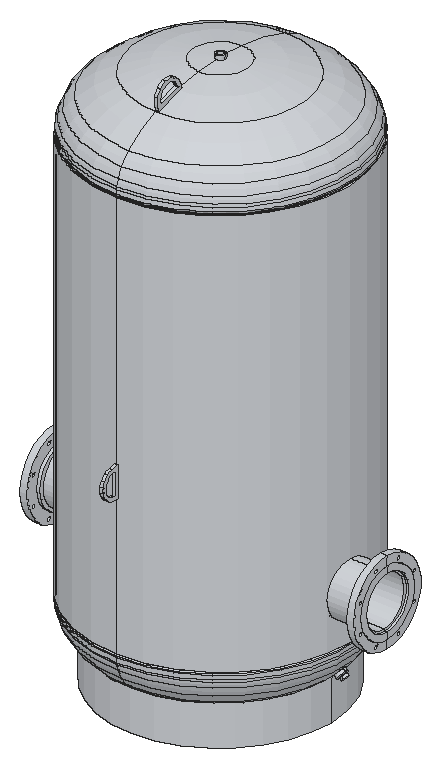
Revit family "CBT-500-8", category Generic Models, Revit 2014
Parameters (values of type "CBT-500-8")
  URL = "http://westank.com/"
  Tank Volume = 500.00 gal
  Part Number = 55420500
  Model = "CBT-500-8"
  Maximum Shipping Weight = 1150 lbf
  Flange Connector Diameter = 8"
  Description = "Wessels ASME Chilled Water Buffer Tanks (CBT) are designed for chilled water systems with insufficient water volume capacity in relation to the chiller capacity."
  D = 20 1/2"
  C = 36"
  B = 90"
  A = 42"
Reference planes (in)
  plane 1 "Center (Front/Back)": y = 0
  plane 2: z = 0
  plane 3 "Center (Left/Right)": x = 0
  plane 4: through (12.55282, -180, 5.24135) normal (0.8192, 0, -0.5736)
  plane 5: x = -21
  plane 6: x = 21
  plane 7: z = 0
  plane 8: x = -18
  plane 9: x = 18
  plane 10: z = 90
  plane 11: x = -0.0258
  plane 12: z = 20.5
Forms (in)
  Revolve 1, solid
    sketch origin (0, -0.02461, 0) x (0, 1, 0) y (0, 0, 1)
      loop
        line (-20.98343, 12.74892) -> (-20.73343, 12.74892)
        arc (-20.73343, 12.74892) -> (-20.73317, 12.69468) -> (-20.75341, 12.64436) r 0.14097
        line (-20.75341, 12.64436) -> (-20.89995, 12.41871)
        arc (-20.89995, 12.41871) -> (-20.95426, 12.32639) -> (-20.972, 12.22075) r 0.29477
        arc (-20.972, 12.22075) -> (-20.95433, 11.87991) -> (-20.91255, 11.54119) r 4.81455
        arc (-20.91255, 11.54119) -> (-20.88738, 11.33901) -> (-20.85518, 11.13783) r 5.85367
        arc (-20.85518, 11.13783) -> (-20.76033, 10.64488) -> (-20.57955, 10.17657) r 2.81886
        arc (-20.57955, 10.17657) -> (-20.25069, 9.40478) -> (-19.83942, 8.67357) r 7.6618
        arc (-19.83942, 8.67357) -> (-19.17724, 7.78342) -> (-18.39344, 6.99824) r 7.6618
        arc (-18.39344, 6.99824) -> (-15.85417, 5.15678) -> (-13.03614, 3.77925) r 18.17851
        arc (-13.03614, 3.77925) -> (-8.72316, 2.45647) -> (-4.26681, 1.75469) r 31.93206
        arc (-4.26681, 1.75469) -> (-2.12278, 1.59929) -> (0.02461, 1.50032) r 81.76029
        line (0.02461, 1.50032) -> (0.02461, 1.67229)
        arc (0.02461, 1.67229) -> (-2.11543, 1.77104) -> (-4.25214, 1.92594) r 81.58842
        arc (-4.25214, 1.92594) -> (-8.6845, 2.62394) -> (-12.97427, 3.9396) r 31.76018
        arc (-12.97427, 3.9396) -> (-15.76565, 5.3041) -> (-18.28091, 7.12815) r 18.00664
        arc (-18.28091, 7.12815) -> (-19.04713, 7.89572) -> (-19.69446, 8.7659) r 7.48992
        arc (-19.69446, 8.7659) -> (-20.0986, 9.48498) -> (-20.42122, 10.24414) r 7.48992
        arc (-20.42122, 10.24414) -> (-20.59471, 10.69085) -> (-20.68482, 11.16153) r 2.64698
        arc (-20.68482, 11.16153) -> (-20.71707, 11.36219) -> (-20.74212, 11.56388) r 5.68179
        arc (-20.74212, 11.56388) -> (-20.78291, 11.89268) -> (-20.80015, 12.22356) r 4.64268
        arc (-20.80015, 12.22356) -> (-20.79107, 12.27197) -> (-20.76371, 12.31293) r 0.12289
        line (-20.76371, 12.31293) -> (-20.60926, 12.55075)
        arc (-20.60926, 12.55075) -> (-20.56519, 12.6582) -> (-20.56335, 12.77432) r 0.31284
        line (-20.56335, 12.77432) -> (-20.73343, 12.77432) -> (-20.73343, 78.726) -> (-20.56335, 78.726)
        arc (-20.56335, 78.726) -> (-20.56519, 78.84212) -> (-20.60926, 78.94957) r 0.31284
        line (-20.60926, 78.94957) -> (-20.76371, 79.18739)
        arc (-20.76371, 79.18739) -> (-20.79107, 79.22835) -> (-20.80015, 79.27676) r 0.12289
        arc (-20.80015, 79.27676) -> (-20.78291, 79.60764) -> (-20.74212, 79.93644) r 4.64268
        arc (-20.74212, 79.93644) -> (-20.71707, 80.13813) -> (-20.68482, 80.33879) r 5.68179
        arc (-20.68482, 80.33879) -> (-20.59471, 80.80947) -> (-20.42122, 81.25618) r 2.64698
        arc (-20.42122, 81.25618) -> (-20.0986, 82.01534) -> (-19.69446, 82.73441) r 7.48992
        arc (-19.69446, 82.73441) -> (-19.04713, 83.6046) -> (-18.28091, 84.37217) r 7.48992
        arc (-18.28091, 84.37217) -> (-15.76565, 86.19622) -> (-12.97427, 87.56072) r 18.00664
        arc (-12.97427, 87.56072) -> (-8.6845, 88.87638) -> (-4.25214, 89.57438) r 31.76018
        arc (-4.25214, 89.57438) -> (-2.11543, 89.72928) -> (0.02461, 89.82803) r 81.58842
        line (0.02461, 89.82803) -> (0.02461, 90)
        arc (0.02461, 90) -> (-2.12278, 89.90102) -> (-4.26681, 89.74563) r 81.76029
        arc (-4.26681, 89.74563) -> (-8.72316, 89.04385) -> (-13.03614, 87.72107) r 31.93206
        arc (-13.03614, 87.72107) -> (-15.85417, 86.34354) -> (-18.39344, 84.50208) r 18.17851
        arc (-18.39344, 84.50208) -> (-19.17724, 83.7169) -> (-19.83942, 82.82675) r 7.6618
        arc (-19.83942, 82.82675) -> (-20.25069, 82.09554) -> (-20.57955, 81.32375) r 7.6618
        arc (-20.57955, 81.32375) -> (-20.76033, 80.85544) -> (-20.85518, 80.36249) r 2.81886
        arc (-20.85518, 80.36249) -> (-20.88738, 80.16131) -> (-20.91255, 79.95913) r 5.85367
        arc (-20.91255, 79.95913) -> (-20.95433, 79.62041) -> (-20.972, 79.27957) r 4.81455
        arc (-20.972, 79.27957) -> (-20.95426, 79.17393) -> (-20.89995, 79.08161) r 0.29477
        line (-20.89995, 79.08161) -> (-20.75341, 78.85596)
        arc (-20.75341, 78.85596) -> (-20.73317, 78.80564) -> (-20.73343, 78.7514) r 0.14097
        line (-20.73343, 78.7514) -> (-20.98343, 78.7514) -> (-20.98343, 12.74892)
      axis (0.02461, 1.50032) -> (0.02461, 90)
    angle from 0 to 360
  Revolve 2, solid
    sketch origin (-3.00177, 0, 1.25063) x (-1, 0, 0) y (0, 0, 1)
      loop
        line (22.25006, 14.93816) -> (22.25006, 14.40562) -> (22.87506, 14.40562) -> (22.87506, 12.49941) -> (23.93756, 12.49941) -> (23.93756, 13.93694) -> (24.00008, 13.93694) -> (24.00008, 14.93816) -> (22.25006, 14.93816)
      axis (24.00008, 19.24937) -> (22.25006, 19.24937)
    angle from 0 to 360
  Revolve 3, solid
    sketch origin (-1.13969, 0, -5.02824) x (0.995224, 0, -0.097616) y (0.097616, 0, 0.995224)
      loop
        line (19.46386, 15.44148) -> (19.41219, 15.47752) -> (19.00069, 14.88753) -> (19.61625, 14.45819) -> (19.99221, 14.99722) -> (19.94095, 15.03298) -> (20.06537, 15.21137) -> (19.55274, 15.56891) -> (19.46386, 15.44148)
      axis (19.00069, 14.88753) -> (19.61625, 14.45819)
    angle from 0 to 360
  Extrusion 4, solid
    sketch origin (19.32293, -180, 8.47558) x (0.649402, 0, 0.760445) y (0, -1, 0)
      loop
        line (-0.16036, -179.52645) -> (-0.95521, -179.68698) -> (-0.79485, -180.48095) -> (0, -180.32042) -> (-0.16036, -179.52645)
    from 1.02698 to 1.52678
  Extrusion 5, solid
    sketch origin (0, -9.07366, 13.98441) x (0, 1, 0) y (0, 0, 1)
      loop
        line (-11.93439, 21.33067) -> (-11.93439, 26.202)
        arc (-11.93439, 26.202) -> (-12.47846, 26.15164) -> (-13.01533, 26.05008) r 5.77422
        arc (-13.01533, 26.05008) -> (-13.49297, 25.89754) -> (-13.94252, 25.67548) r 3.35288
        arc (-13.94252, 25.67548) -> (-14.34081, 25.36666) -> (-14.64962, 24.96837) r 2.0073
        arc (-14.64962, 24.96837) -> (-14.80343, 24.58932) -> (-14.88788, 24.18906) r 2.30742
        arc (-14.88788, 24.18906) -> (-14.91277, 23.77188) -> (-14.88788, 23.3547) r 3.50846
        arc (-14.88788, 23.3547) -> (-14.79412, 22.92876) -> (-14.61961, 22.52904) r 2.24053
        arc (-14.61961, 22.52904) -> (-14.27401, 22.08806) -> (-13.80999, 21.77406) r 1.8078
        arc (-13.80999, 21.77406) -> (-13.34321, 21.55591) -> (-12.84107, 21.44044) r 2.44481
        arc (-12.84107, 21.44044) -> (-12.39043, 21.36326) -> (-11.93439, 21.33067) r 4.65484
      loop
        arc (-12.44611, 25.63929) -> (-12.67227, 25.60073) -> (-12.89654, 25.55235) r 5.2625
        arc (-12.89654, 25.55235) -> (-13.30128, 25.42308) -> (-13.68221, 25.23491) r 2.84116
        arc (-13.68221, 25.23491) -> (-13.97364, 25.01013) -> (-14.20134, 24.72098) r 1.49558
        arc (-14.20134, 24.72098) -> (-14.3163, 24.43235) -> (-14.37979, 24.12821) r 1.7957
        arc (-14.37979, 24.12821) -> (-14.40106, 23.77188) -> (-14.37979, 23.41555) r 2.99674
        arc (-14.37979, 23.41555) -> (-14.30745, 23.08689) -> (-14.17279, 22.77846) r 1.72881
        arc (-14.17279, 22.77846) -> (-13.91552, 22.45353) -> (-13.56884, 22.22643) r 1.29608
        arc (-13.56884, 22.22643) -> (-13.1779, 22.0402) -> (-12.75531, 21.94566) r 1.9331
        arc (-12.75531, 21.94566) -> (-12.60126, 21.91347) -> (-12.44611, 21.88716) r 4.14312
        line (-12.44611, 21.88716) -> (-12.44611, 25.63929)
    from -0.24366 to 0.25634
  Extrusion 6, solid
    sketch origin (0, -30.04333, 70.88779) x (0, 0.284015, -0.95882) y (0, 0.95882, 0.284015)
      loop
        arc (-11.9298, 25.67102) -> (-12.15596, 25.63246) -> (-12.38023, 25.58408) r 5.2625
        arc (-12.38023, 25.58408) -> (-12.78497, 25.45482) -> (-13.16591, 25.26664) r 2.84116
        arc (-13.16591, 25.26664) -> (-13.45733, 25.04186) -> (-13.68503, 24.75271) r 1.49558
        arc (-13.68503, 24.75271) -> (-13.8, 24.46408) -> (-13.86349, 24.15994) r 1.7957
        arc (-13.86349, 24.15994) -> (-13.88475, 23.80361) -> (-13.86349, 23.44728) r 2.99674
        arc (-13.86349, 23.44728) -> (-13.79114, 23.11862) -> (-13.65649, 22.81019) r 1.72881
        arc (-13.65649, 22.81019) -> (-13.39922, 22.48527) -> (-13.05253, 22.25816) r 1.29608
        arc (-13.05253, 22.25816) -> (-12.66159, 22.07193) -> (-12.239, 21.97739) r 1.9331
        arc (-12.239, 21.97739) -> (-12.08496, 21.94521) -> (-11.9298, 21.91889) r 4.14312
        line (-11.9298, 21.91889) -> (-11.9298, 25.67102)
      loop
        line (-11.17132, 21.34265) -> (-11.17132, 26.18028)
        arc (-11.17132, 26.18028) -> (-12.11834, 26.16865) -> (-13.02719, 25.90227) r 3.48194
        arc (-13.02719, 25.90227) -> (-13.54727, 25.6041) -> (-13.99851, 25.20943) r 3.03185
        arc (-13.99851, 25.20943) -> (-14.28248, 24.55653) -> (-14.39992, 23.8543) r 2.91879
        arc (-14.39992, 23.8543) -> (-14.3348, 23.1787) -> (-14.08611, 22.54717) r 2.44012
        arc (-14.08611, 22.54717) -> (-13.716, 22.08641) -> (-13.21844, 21.76749) r 1.83162
        arc (-13.21844, 21.76749) -> (-12.21655, 21.45065) -> (-11.17132, 21.34265) r 5.1769
    from -0.24366 to 0.25634
  Extrusion 7, solid
    sketch origin (0, 0, 0) x (1, 0, 0) y (0, 1, 0)
      loop
        circle (0, 0) r 0.75
      loop
        circle (0, 0) r 0.5
    from 89.70425 to 90.49422
  Extrusion 8, void
    sketch origin (-3.60333, 0.13917, 1.67009) x (0, 1, 0) y (0, 0, -1)
      loop
        circle (2.12111, -24.27361) r 0.37532
      loop
        circle (5.31966, -21.06698) r 0.37532
      loop
        circle (2.12462, -13.34795) r 0.37532
      loop
        circle (5.2579, -16.53393) r 0.37532
      loop
        circle (-2.39945, -24.27361) r 0.37532
      loop
        circle (-5.598, -21.06698) r 0.37532
      loop
        circle (-2.40296, -13.34795) r 0.37532
      loop
        circle (-5.53624, -16.53393) r 0.37532
    from 20.48716 to 24.39667
  Extrusion 9, void
    sketch origin (0, 0, 0) x (1, 0, 0) y (0, 1, 0)
      loop
        circle (0, 0) r 0.5
    from 88.08986 to 91.45113
  Revolve 10, solid
    sketch origin (0, 0, 0) x (1, 0, 0) y (0, 0, 1)
      loop
        line (17.85452, 6.52775) -> (17.85452, 0) -> (18, 0) -> (18, 6.52775) -> (17.85452, 6.52775)
      axis (0, 6.52775) -> (0, 0)
    angle from 0 to 360
  Revolve 11, solid
    sketch origin (-3.60333, 0, 1.22133) x (1, 0, 0) y (0, 0, 1)
      loop
        line (-16.3985, 15.28759) -> (-22.90352, 15.28759) -> (-22.90352, 14.9662) -> (-16.3985, 14.9662) -> (-16.3985, 15.28759)
      axis (-22.90352, 19.27867) -> (-16.3985, 19.27867)
    angle from 0 to 360
  Extrusion 12, void
    sketch origin (0, 0, 0.25) x (0, 1, 0) y (0, 0, 1)
      loop
        circle (0, 20.25) r 3.99108
    from -27.00827 to 26.24257
  Revolve 13, solid
    sketch origin (3.00177, 0, 1.25063) x (1, 0, 0) y (0, 0, 1)
      loop
        line (22.25006, 14.93816) -> (22.25006, 14.40562) -> (22.87506, 14.40562) -> (22.87506, 12.49941) -> (23.93756, 12.49941) -> (23.93756, 13.93694) -> (24.00008, 13.93694) -> (24.00008, 14.93816) -> (22.25006, 14.93816)
      axis (24.00008, 19.24937) -> (22.25006, 19.24937)
    angle from 0 to 360
  Extrusion 14, void
    sketch origin (3.60333, 0.13917, 1.67009) x (0, 1, 0) y (0, 0, 1)
      loop
        circle (2.12111, 24.27361) r 0.37532
      loop
        circle (5.31966, 21.06698) r 0.37532
      loop
        circle (2.12462, 13.34795) r 0.37532
      loop
        circle (5.2579, 16.53393) r 0.37532
      loop
        circle (-2.39945, 24.27361) r 0.37532
      loop
        circle (-5.598, 21.06698) r 0.37532
      loop
        circle (-2.40296, 13.34795) r 0.37532
      loop
        circle (-5.53624, 16.53393) r 0.37532
    from 20.48716 to 24.39667
  Revolve 15, solid
    sketch origin (3.60333, 0, 1.22133) x (-1, 0, 0) y (0, 0, 1)
      loop
        line (-16.3985, 15.28759) -> (-22.90352, 15.28759) -> (-22.90352, 14.9662) -> (-16.3985, 14.9662) -> (-16.3985, 15.28759)
      axis (-22.90352, 19.27867) -> (-16.3985, 19.27867)
    angle from 0 to 360
Cuts and joins
  joined: Extrusion 4, Extrusion 5, Extrusion 6, Extrusion 7, Revolve 10
  Extrusion 9, Extrusion 12 cuts Revolve 1
  Extrusion 8, Extrusion 14 cuts Revolve 2
  Extrusion 14 cuts Revolve 13
Dimensions and locks (in)
  "C": plane 9 to plane 8
  "B": plane 10 to level
  "A": plane 6 to plane 5
  "D": plane 12 to level
  aligned and locked: plane 2 to level
  aligned and locked: Revolve 10 sketch curve to plane 3 "Center (Left/Right)"
Automatic sketch dimensions
  Revolve 1 sketch curve to Revolve 1 sketch curve = 0"  (x70)
  Revolve 1 sketch curve to plane 1 "Center (Front/Back)" = 0"  (x3)
  Revolve 1 sketch curve to plane 10 = 0"
  plane 1 "Center (Front/Back)" to Revolve 1 sketch curve = 1.56462"  (x2)
  plane 12 to Revolve 1 sketch curve = 0.23881"
  plane 1 "Center (Front/Back)" to Revolve 1 sketch curve = 6.51615"  (x2)
  Revolve 1 sketch curve to plane 12 = 7.71045"
  Revolve 1 sketch curve to Revolve 1 sketch curve = 6.88554"  (x2)
  Revolve 1 sketch curve to Revolve 1 sketch curve = 1.71494"  (x2)
  Revolve 1 sketch curve to Revolve 1 sketch curve = 1.06607"  (x2)
  Revolve 1 sketch curve to Revolve 1 sketch curve = 1.89257"  (x2)
  Revolve 1 sketch curve to Revolve 1 sketch curve = 2.51268"  (x2)
  Revolve 1 sketch curve to plane 10 = 11.05043"
  Revolve 1 sketch curve to Revolve 1 sketch curve = 0.04592"  (x2)
  Revolve 1 sketch curve to plane 12 = 7.94925"
  Revolve 1 sketch curve to Revolve 1 sketch curve = 0.06801"  (x2)
  Revolve 1 sketch curve to Revolve 1 sketch curve = 0.17009"
  Revolve 1 sketch curve to plane 10 = 11.14404"
  Revolve 1 sketch curve to Revolve 1 sketch curve = 0.01998"  (x2)
  Revolve 1 sketch curve to plane 12 = 7.85564"
  Revolve 1 sketch curve to Revolve 1 sketch curve = 0.08643"  (x2)
  Revolve 1 sketch curve to plane 12 = 8.18707"
  Revolve 1 sketch curve to Revolve 1 sketch curve = 0.1382"  (x2)
  Revolve 1 sketch curve to plane 10 = 10.91839"
  Revolve 1 sketch curve to Revolve 1 sketch curve = 0.13624"  (x2)
  Revolve 1 sketch curve to plane 12 = 8.08129"
  Revolve 1 sketch curve to Revolve 1 sketch curve = 0.1118"
  Revolve 1 sketch curve to plane 1 "Center (Front/Back)" = 2.6904"  (x2)
  Revolve 1 sketch curve to Revolve 1 sketch curve = 0.49002"  (x2)
  Revolve 1 sketch curve to Revolve 1 sketch curve = 0.08736"  (x2)
  Revolve 1 sketch curve to Revolve 1 sketch curve = 0.1363"  (x2)
  Revolve 1 sketch curve to Revolve 1 sketch curve = 0.87766"  (x2)
  level to Revolve 1 sketch curve = 8.28399"
  level to Revolve 1 sketch curve = 1.67229"
  Revolve 1 sketch curve to Revolve 1 sketch curve = 0.17197"
  Revolve 1 sketch curve to Revolve 1 sketch curve = 0.07678"
  plane 12 to Revolve 1 sketch curve = 13.07011"
  Revolve 1 sketch curve to Revolve 1 sketch curve = 24.3601"
  Revolve 1 sketch curve to Revolve 1 sketch curve = 12.8313"
  Revolve 1 sketch curve to Revolve 1 sketch curve = 0.2388"
  Revolve 1 sketch curve to Revolve 1 sketch curve = 0.12996"
  Revolve 1 sketch curve to Revolve 1 sketch curve = 0.10578"
  Revolve 1 sketch curve to plane 10 = 6.78367"
  Revolve 1 sketch curve to plane 10 = 0.17197"
  Revolve 1 sketch curve to Revolve 1 sketch curve = 1.41355"  (x2)
  Revolve 1 sketch curve to Revolve 1 sketch curve = 0.14497"  (x2)
  Revolve 1 sketch curve to Revolve 1 sketch curve = 0.72676"  (x2)
  Revolve 1 sketch curve to Revolve 1 sketch curve = 0.15833"  (x2)
  Revolve 1 sketch curve to Revolve 1 sketch curve = 0.26361"  (x2)
  Revolve 1 sketch curve to Revolve 1 sketch curve = 0.0573"  (x2)
  Revolve 1 sketch curve to Revolve 1 sketch curve = 0.17036"  (x2)
  Revolve 1 sketch curve to Revolve 1 sketch curve = 0.17043"  (x2)
  Revolve 1 sketch curve to Revolve 1 sketch curve = 4.67702"
  Revolve 1 sketch curve to Revolve 1 sketch curve = 0.92702"
  Revolve 2 sketch curve to plane 12 = 0"
  plane 5 to Revolve 2 sketch curve = 4.25183"
  Revolve 2 sketch curve to Revolve 2 sketch curve = 5/8"
  Revolve 2 sketch curve to Revolve 2 sketch curve = 1 1/16"
  Revolve 2 sketch curve to Revolve 2 sketch curve = 0.06252"
  plane 12 to Revolve 2 sketch curve = 4.31121"
  Revolve 2 sketch curve to Revolve 2 sketch curve = 0.53254"
  Revolve 2 sketch curve to Revolve 2 sketch curve = 1.00122"
  Revolve 2 sketch curve to Revolve 2 sketch curve = 1.43752"
  plane 5 to Revolve 2 sketch curve = 2.10333"
  Revolve 2 sketch curve to Revolve 2 sketch curve = 0.68278"
  plane 9 to Revolve 3 sketch curve = 1.22351"
  plane 4 to Revolve 3 sketch curve = 3.92021"
  Revolve 3 sketch curve to Revolve 3 sketch curve = 0.4115"
  Revolve 3 sketch curve to Revolve 3 sketch curve = 0.05167"
  Revolve 3 sketch curve to Revolve 3 sketch curve = 0.08888"
  Revolve 3 sketch curve to Revolve 3 sketch curve = 0.61556"
  Revolve 3 sketch curve to Revolve 3 sketch curve = 0.47709"
  Revolve 3 sketch curve to Revolve 3 sketch curve = 0.05126"
  Revolve 3 sketch curve to Revolve 3 sketch curve = 0.42934"
  Revolve 3 sketch curve to Revolve 3 sketch curve = 0.12768"
  Revolve 3 sketch curve to Revolve 3 sketch curve = 0"  (x2)
  Revolve 3 sketch curve to Revolve 3 sketch curve = 0.08905"
  plane 1 "Center (Front/Back)" to Extrusion 4 sketch curve = 0.31302"
  Extrusion 4 sketch curve to plane 1 "Center (Front/Back)" = 0.48095"
  Extrusion 4 sketch curve to Extrusion 4 sketch curve = 0.16036"  (x2)
  plane 1 "Center (Front/Back)" to Extrusion 4 sketch curve = 0.47355"
  Extrusion 4 sketch curve to Extrusion 4 sketch curve = 0.79485"
  Extrusion 4 sketch curve to plane 1 "Center (Front/Back)" = 0.32042"
  Extrusion 5 sketch curve to Extrusion 5 sketch curve = 0"  (x24)
  plane 1 "Center (Front/Back)" to Extrusion 5 sketch curve = 22.11476"
  Extrusion 5 sketch curve to Extrusion 5 sketch curve = 0.11966"
  Extrusion 5 sketch curve to Extrusion 5 sketch curve = 0.25819"
  Extrusion 5 sketch curve to Extrusion 5 sketch curve = 17/256"
  Extrusion 5 sketch curve to Extrusion 5 sketch curve = 0.04958"
  Extrusion 5 sketch curve to Extrusion 5 sketch curve = 0.15073"
  Extrusion 5 sketch curve to Extrusion 5 sketch curve = 0.20915"
  Extrusion 5 sketch curve to Extrusion 5 sketch curve = 131/256"
  Extrusion 5 sketch curve to Extrusion 5 sketch curve = 0.10338"
  Extrusion 5 sketch curve to Extrusion 5 sketch curve = 0.25955"
  Extrusion 5 sketch curve to Extrusion 5 sketch curve = 1.14294"
  plane 12 to Extrusion 5 sketch curve = 13.91803"
  Extrusion 5 sketch curve to Extrusion 5 sketch curve = 0.89706"
  Extrusion 5 sketch curve to Extrusion 5 sketch curve = 0.55648"
  Extrusion 5 sketch curve to Extrusion 5 sketch curve = 0.90165"
  Extrusion 5 sketch curve to Extrusion 5 sketch curve = 0.62139"
  Extrusion 5 sketch curve to Extrusion 5 sketch curve = 27/128"
  Extrusion 5 sketch curve to Extrusion 5 sketch curve = 0.15076"
  Extrusion 5 sketch curve to Extrusion 5 sketch curve = 0.24641"
  Extrusion 5 sketch curve to Extrusion 5 sketch curve = 0.04716"
  Extrusion 5 sketch curve to Extrusion 5 sketch curve = 0.0326"
  Extrusion 5 sketch curve to Extrusion 5 sketch curve = 1.7246"
  Extrusion 5 sketch curve to Extrusion 5 sketch curve = 0.34507"
  Extrusion 5 sketch curve to Extrusion 5 sketch curve = 0.21764"
  Extrusion 5 sketch curve to Extrusion 5 sketch curve = 1.12273"
  Extrusion 5 sketch curve to Extrusion 5 sketch curve = 0.78568"
  Extrusion 5 sketch curve to Extrusion 5 sketch curve = 0.24115"
  Extrusion 5 sketch curve to Extrusion 5 sketch curve = 0.2603"
  Extrusion 5 sketch curve to Extrusion 5 sketch curve = 0.60395"
  Extrusion 5 sketch curve to Extrusion 5 sketch curve = 0.51913"
  Extrusion 5 sketch curve to Extrusion 5 sketch curve = 0.44682"
  Extrusion 5 sketch curve to Extrusion 5 sketch curve = 0.44829"
  Extrusion 6 sketch curve to plane 10 = 57/128"
  plane 1 "Center (Front/Back)" to Extrusion 6 sketch curve = 11.12398"
  Extrusion 6 sketch curve to Extrusion 6 sketch curve = 0.03301"
  Extrusion 6 sketch curve to Extrusion 6 sketch curve = 0.08665"
  Extrusion 6 sketch curve to Extrusion 6 sketch curve = 0.34483"
  Extrusion 6 sketch curve to Extrusion 6 sketch curve = 17/256"
  Extrusion 6 sketch curve to Extrusion 6 sketch curve = 0.04958"
  Extrusion 6 sketch curve to Extrusion 6 sketch curve = 0.06885"
  Extrusion 6 sketch curve to Extrusion 6 sketch curve = 0.15073"
  Extrusion 6 sketch curve to Extrusion 6 sketch curve = 0.36028"
  Extrusion 6 sketch curve to Extrusion 6 sketch curve = 0.06601"
  Extrusion 6 sketch curve to Extrusion 6 sketch curve = 0.11815"
  Extrusion 6 sketch curve to Extrusion 6 sketch curve = 0.47821"
  Extrusion 6 sketch curve to Extrusion 6 sketch curve = 0.6151"
  Extrusion 6 sketch curve to Extrusion 6 sketch curve = 0.14338"
  Extrusion 6 sketch curve to Extrusion 6 sketch curve = 0.00673"
  Extrusion 6 sketch curve to Extrusion 6 sketch curve = 0.01279"
  Extrusion 6 sketch curve to Extrusion 6 sketch curve = 0.59588"
  Extrusion 6 sketch curve to Extrusion 6 sketch curve = 0.3061"
  Extrusion 6 sketch curve to Extrusion 6 sketch curve = 0.31529"
  Extrusion 6 sketch curve to Extrusion 6 sketch curve = 0.0954"
  Extrusion 6 sketch curve to Extrusion 6 sketch curve = 0.80625"
  Extrusion 6 sketch curve to Extrusion 6 sketch curve = 0.57624"
  Extrusion 6 sketch curve to Extrusion 6 sketch curve = 0.8773"
  Extrusion 6 sketch curve to Extrusion 6 sketch curve = 0.00686"
  Extrusion 6 sketch curve to Extrusion 6 sketch curve = 0.20406"
  Extrusion 6 sketch curve to Extrusion 6 sketch curve = 0.59172"
  Extrusion 6 sketch curve to Extrusion 6 sketch curve = 0.09548"
  Extrusion 6 sketch curve to Extrusion 6 sketch curve = 0.07607"
  Extrusion 6 sketch curve to Extrusion 6 sketch curve = 0.15093"
  Extrusion 6 sketch curve to Extrusion 6 sketch curve = 0.04716"
  Extrusion 6 sketch curve to Extrusion 6 sketch curve = 0.0326"
  Extrusion 6 sketch curve to Extrusion 6 sketch curve = 1.7246"
  Extrusion 6 sketch curve to Extrusion 6 sketch curve = 0.34507"
  Extrusion 6 sketch curve to Extrusion 6 sketch curve = 0.16418"
  Extrusion 6 sketch curve to Extrusion 6 sketch curve = 0.33927"
  Extrusion 6 sketch curve to Extrusion 6 sketch curve = 0"  (x6)
  Extrusion 6 sketch curve to Extrusion 6 sketch curve = 0.1659"
  Extrusion 6 sketch curve to Extrusion 6 sketch curve = 0.13872"
  Extrusion 6 sketch curve to Extrusion 6 sketch curve = 0.42962"
  Extrusion 6 sketch curve to Extrusion 6 sketch curve = 0.51913"
  Extrusion 6 sketch curve to Extrusion 6 sketch curve = 0.31348"
  Extrusion 7 sketch curve to Extrusion 7 sketch curve = 0"  (x2)
  plane 1 "Center (Front/Back)" to Extrusion 7 sketch curve = 0"
  Extrusion 7 sketch curve to plane 3 "Center (Left/Right)" = 0"
  plane 12 to Extrusion 8 sketch curve = 2.23707"  (x2)
  plane 1 "Center (Front/Back)" to Extrusion 8 sketch curve = 5.45883"
  Extrusion 8 sketch curve to Extrusion 8 sketch curve = 0.06176"
  plane 1 "Center (Front/Back)" to Extrusion 8 sketch curve = 2.26379"
  plane 1 "Center (Front/Back)" to Extrusion 8 sketch curve = 2.26028"
  Extrusion 8 sketch curve to plane 1 "Center (Front/Back)" = 2.26028"
  Extrusion 8 sketch curve to plane 1 "Center (Front/Back)" = 2.26379"
  Extrusion 8 sketch curve to Extrusion 8 sketch curve = 3.13328"
  Extrusion 8 sketch curve to Extrusion 8 sketch curve = 3.19855"
  Extrusion 8 sketch curve to Extrusion 8 sketch curve = 3.20663"
  Extrusion 8 sketch curve to Extrusion 8 sketch curve = 0"
  Extrusion 8 sketch curve to plane 12 = 2.29598"  (x2)
  Extrusion 8 sketch curve to Extrusion 8 sketch curve = 3.18598"  (x2)
  Extrusion 9 sketch curve to Extrusion 9 sketch curve = 0"  (x2)
  plane 1 "Center (Front/Back)" to Extrusion 9 sketch curve = 0"
  Extrusion 9 sketch curve to plane 3 "Center (Left/Right)" = 0"
  plane 11 to Extrusion 9 sketch curve = 0.4742"
  Revolve 10 sketch curve to level = 0"
  Revolve 10 sketch curve to plane 9 = 0"
  Revolve 10 sketch curve to plane 9 = 0.14548"
  level to Revolve 10 sketch curve = 6.52775"
  level to Revolve 10 sketch curve = 4.69941"
  Revolve 10 sketch curve to Revolve 10 sketch curve = 1"
  Revolve 11 sketch curve to plane 12 = 0"
  Revolve 11 sketch curve to plane 5 = 5.50686"
  plane 5 to Revolve 11 sketch curve = 0.99817"
  Revolve 11 sketch curve to plane 12 = 3.99108"
  Revolve 11 sketch curve to Revolve 11 sketch curve = 0.32138"
  Revolve 11 sketch curve to plane 5 = 1.90923"
  Revolve 11 sketch curve to Revolve 11 sketch curve = 0.36015"
  Extrusion 12 sketch curve to Extrusion 12 sketch curve = 0"  (x2)
  Extrusion 12 sketch curve to plane 1 "Center (Front/Back)" = 0"
  Extrusion 12 sketch curve to plane 12 = 0"
  Extrusion 12 sketch curve to Extrusion 12 sketch curve = 3.99108"
  Revolve 13 sketch curve to plane 12 = 0"
  plane 6 to Revolve 13 sketch curve = 4.25183"
  Revolve 13 sketch curve to Revolve 13 sketch curve = 5/8"
  Revolve 13 sketch curve to Revolve 13 sketch curve = 1 1/16"
  Revolve 13 sketch curve to Revolve 13 sketch curve = 0.06252"
  Revolve 13 sketch curve to plane 12 = 4.31121"
  Revolve 13 sketch curve to Revolve 13 sketch curve = 0.53254"
  Revolve 13 sketch curve to Revolve 13 sketch curve = 1.00122"
  Revolve 13 sketch curve to Revolve 13 sketch curve = 1.43752"
  plane 6 to Revolve 13 sketch curve = 2.10333"
  Revolve 13 sketch curve to Revolve 13 sketch curve = 0.68278"
  plane 12 to Extrusion 14 sketch curve = 2.23707"  (x2)
  plane 1 "Center (Front/Back)" to Extrusion 14 sketch curve = 5.45883"
  Extrusion 14 sketch curve to Extrusion 14 sketch curve = 0.06176"
  plane 1 "Center (Front/Back)" to Extrusion 14 sketch curve = 2.26379"
  plane 1 "Center (Front/Back)" to Extrusion 14 sketch curve = 2.26028"
  Extrusion 14 sketch curve to plane 1 "Center (Front/Back)" = 2.26028"
  Extrusion 14 sketch curve to plane 1 "Center (Front/Back)" = 2.26379"
  Extrusion 14 sketch curve to Extrusion 14 sketch curve = 3.13328"
  Extrusion 14 sketch curve to Extrusion 14 sketch curve = 3.19855"
  Extrusion 14 sketch curve to plane 12 = 2.29598"  (x2)
  Extrusion 14 sketch curve to Extrusion 14 sketch curve = 3.18598"  (x2)
  Extrusion 14 sketch curve to Extrusion 14 sketch curve = 3.20663"
  Extrusion 14 sketch curve to Extrusion 14 sketch curve = 0"
  Revolve 15 sketch curve to plane 12 = 0"
  Revolve 15 sketch curve to plane 6 = 5.50686"
  plane 6 to Revolve 15 sketch curve = 0.99817"
  plane 12 to Revolve 15 sketch curve = 3.99108"
  Revolve 15 sketch curve to Revolve 15 sketch curve = 0.32138"
  Revolve 15 sketch curve to plane 6 = 1.90923"
  Revolve 15 sketch curve to Revolve 15 sketch curve = 0.36015"
  radius of Extrusion 7 sketch curve = 3/4"
  radius of Extrusion 7 sketch curve = 1/2"
  radius of Extrusion 8 sketch curve = 0.37532"  (x8)
  radius of Extrusion 14 sketch curve = 0.37532"  (x8)
Connectors (in)
  piping at (27.00185, 0, 20.5), diameter 8, driven by "Flange Connector Diameter"
    settings: on Revolve 13, index 1, connector inside diameter 24", connector length 0", flow factor 0, pipe flow 0 GPM, pressure drop 0.00 psi, fitting loss kfactor 0, connector angle 0.00°, fixture units 0, engagement length 0", angle of deflection 0.00°, flow configuration 0, flow direction 0, fitting loss method 0, system type 19, joint type 0, gender type 0, connector reference index 2, connector utility 0, adjustable connector no, is connector primary yes, connector description ""
  piping at (-27.00185, 0, 20.5), diameter 8, driven by "Flange Connector Diameter"
    settings: on Revolve 2, index 2, connector inside diameter 24", connector length 0", flow factor 0, pipe flow 0 GPM, pressure drop 0.00 psi, fitting loss kfactor 0, connector angle 0.00°, fixture units 0, engagement length 0", angle of deflection 0.00°, flow configuration 0, flow direction 0, fitting loss method 0, system type 19, joint type 0, gender type 0, connector reference index 1, connector utility 0, adjustable connector no, is connector primary no, connector description ""
